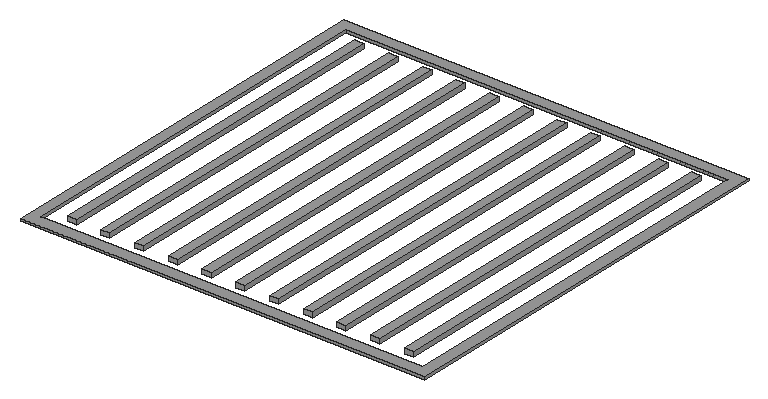
Revit family "PRISON", category Generic Models, Revit 2020
Family settings
  Can host rebar = No
  Round Connector Dimension = Use Diameter
  Part Type = Normal
  Work Plane-Based = No
  Always vertical = Yes
  Cut with Voids When Loaded = No
  Shared = No
  Room Calculation Point = No
Parameters
  Default Elevation = 0 mm
Reference planes
  plane 1 "Center (Front/Back)": y = 0
  plane 2: z = 0
  plane 3 "Center (Left/Right)": x = 0
Forms (mm)
  Extrusion 1, solid, material "prison"
    sketch origin (-104.434, 60.696, 0) x (1, 0, 0) y (0, 1, 0)
      loop
        line (-775.566, 819.304) -> (-775.566, -940.696) -> (984.434, -940.696) -> (984.434, 819.304) -> (-775.566, 819.304)
      loop
        line (-725.566, 769.304) -> (-725.566, -890.696) -> (934.434, -890.696) -> (934.434, 769.304) -> (-725.566, 769.304)
    from 0 to 10
  Extrusion 2, solid, material "prison"
    sketch origin (-753.509, -253.075, 0) x (1, 0, 0) y (0, 1, 0)
      loop
        line (0, 1035.009) -> (0, -528.858) -> (40, -528.858) -> (40, 1035.009) -> (0, 1035.009)
    from 0 to 20
  Extrusion 3, solid, material "prison"
    sketch origin (713.509, -253.075, 0) x (1, 0, 0) y (0, 1, 0)
      loop
        line (0, 1035.009) -> (0, -528.858) -> (40, -528.858) -> (40, 1035.009) -> (0, 1035.009)
    from 0 to 20
  Extrusion 4, solid, material "prison"
    sketch origin (-606.807, -253.075, 0) x (1, 0, 0) y (0, 1, 0)
      loop
        line (0, 1035.009) -> (0, -528.858) -> (40, -528.858) -> (40, 1035.009) -> (0, 1035.009)
    from 0 to 20
  Extrusion 5, solid, material "prison"
    sketch origin (-460.105, -253.075, 0) x (1, 0, 0) y (0, 1, 0)
      loop
        line (0, 1035.009) -> (0, -528.858) -> (40, -528.858) -> (40, 1035.009) -> (0, 1035.009)
    from 0 to 20
  Extrusion 6, solid, material "prison"
    sketch origin (-313.403, -253.075, 0) x (1, 0, 0) y (0, 1, 0)
      loop
        line (0, 1035.009) -> (0, -528.858) -> (40, -528.858) -> (40, 1035.009) -> (0, 1035.009)
    from 0 to 20
  Extrusion 7, solid, material "prison"
    sketch origin (-166.702, -253.075, 0) x (1, 0, 0) y (0, 1, 0)
      loop
        line (0, 1035.009) -> (0, -528.858) -> (40, -528.858) -> (40, 1035.009) -> (0, 1035.009)
    from 0 to 20
  Extrusion 8, solid, material "prison"
    sketch origin (-20, -253.075, 0) x (1, 0, 0) y (0, 1, 0)
      loop
        line (0, 1035.009) -> (0, -528.858) -> (40, -528.858) -> (40, 1035.009) -> (0, 1035.009)
    from 0 to 20
  Extrusion 9, solid, material "prison"
    sketch origin (126.702, -253.075, 0) x (1, 0, 0) y (0, 1, 0)
      loop
        line (0, 1035.009) -> (0, -528.858) -> (40, -528.858) -> (40, 1035.009) -> (0, 1035.009)
    from 0 to 20
  Extrusion 10, solid, material "prison"
    sketch origin (273.403, -253.075, 0) x (1, 0, 0) y (0, 1, 0)
      loop
        line (0, 1035.009) -> (0, -528.858) -> (40, -528.858) -> (40, 1035.009) -> (0, 1035.009)
    from 0 to 20
  Extrusion 11, solid, material "prison"
    sketch origin (420.105, -253.075, 0) x (1, 0, 0) y (0, 1, 0)
      loop
        line (0, 1035.009) -> (0, -528.858) -> (40, -528.858) -> (40, 1035.009) -> (0, 1035.009)
    from 0 to 20
  Extrusion 12, solid, material "prison"
    sketch origin (566.807, -253.075, 0) x (1, 0, 0) y (0, 1, 0)
      loop
        line (0, 1035.009) -> (0, -528.858) -> (40, -528.858) -> (40, 1035.009) -> (0, 1035.009)
    from 0 to 20
Dimensions and locks
  equal spacing: group 1, group 3, group 4, group 5, group 6, group 7, group 8, group 9, group 10, group 11, group 2  (x3)
  aligned and locked: plane 2 to level
